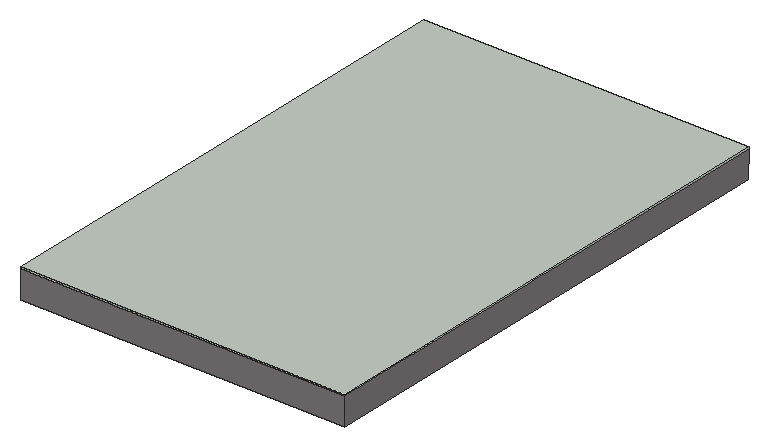
Revit family "Mirror-45cm60cm80cm100cm120cm-IlluminatedMirror-Vitra-İntegraSeries-61305+61306+61307+61308+61309", category Furniture Systems, host Face, Revit 2017
Family settings
  Host = Face
  Round Connector Dimension = Use Diameter
  Part Type = Normal
  OmniClass Number = 23.40.00.00
  OmniClass Title = Equipment and Furnishings
  Cut with Voids When Loaded = No
  Shared = Yes
  Room Calculation Point = No
Parameters (values of type "Mirror-45cm-IlluminatedMirror-Vitra-İntegraSeries-61305")
  Youtube = "https://www.youtube.com/user/VitrAglobal"
  Width(mm) = 450 mm
  Weight Net (kg) = "7"
  Warranty Period (Year) = "2"
  Voltage = "220V"
  Uniformat II Description = "Furnishings"
  Uniformat II Code = "E2010"
  Uniclass 2015 Name = "Bathroom mirrors"
  Uniclass 2015 Code = "Pr_25_71_53_06"
  Uniclass 2.0 Description = "Bathroom Mirrors"
  Uniclass 1.4 Description = "Mirrors"
  Uniclass 2.0 Code = "PR-45-55-06"
  Uniclass 1.4 Code = "L8732"
  URL = "https://vitraglobal.com/"
  UNSPSC Description = "Furniture and Furnishings"
  UNSPSC Code = "56"
  Technical description = "http://cdn.vitra.com.tr/501-61305-2A.jpg"
  Tap hole Options (default) = ""
  Specification = ""
  Region South America = "All"
  Region Oceania = "All"
  Region North America = "All"
  Region Middle East = "All"
  Region Europe = "All"
  Region Asia = "All"
  Region Antarctica = "All"
  Region Africa = "All"
  Product group = "Bathroom Furniture"
  Product family = "İntegra"
  Product data url = "https://www.vitra-bad.fr/fr/produits-sanitaires/page-de-detail/product/integra-miroir-avec-eclairage-a-gauche-et-a-droite-45-cm-1.html"
  Product certification = "https://www.vitraglobal.com/brochures/"
  Product SKU = "61305"
  Product Guid = ""
  Primary Material = Mirror
  OmniClass Description = "Mirrors"
  OmniClass Code = "23-21 37 13 15"
  Nominal width = "0.000"
  Nominal height = "0.000"
  NBS Referans Description = "Bathroom Mirrors"
  NBS Referans Code = "45-55-06"
  Model = "61305"
  Masterformat 2014 Description = "Furniture"
  Masterformat 2014 Code = "12 50 00"
  Manufacturer name = "Vitra"
  Manufacturer = "Vitra"
  Lighting Type = "Ambiance Led Lighting"
  Installation instructions = ""
  IFC Classification = "Furnishing Element"
  Help = ""
  Height(mm) = 700 mm
  Design country = "Turkey"
  Description = "İntegra Illuminated Mirror"
  Depth(mm) = 40 mm
  Default Elevation = 0 mm
  Construction Type = "Wall Mounted"
  Color = ""
  COBIe Type Category = ""
  BIMobject category = "Sanitary - Mirrors"
  Article No. (default) = "61305"
  Accessories (default) = ""
Types (6, lengths in mm): name | Width(mm) | Weight Net (kg) | Technical description | Product data url | Product SKU | Model | Article No. (default)
  (no name) | 450 | "7" | "http://cdn.vitra.com.tr/501-61305-2A.jpg" | "https://www.vitra-bad.fr/fr/produits-sanitaires/page-de-detail/product/integra-miroir-avec-eclairage-a-gauche-et-a-droite-45-cm-1.html" | "61305" | "61305" | "61305"
  Mirror-45cm-IlluminatedMirror-Vitra-İntegraSeries-61305 | 450 | "7" | "http://cdn.vitra.com.tr/501-61305-2A.jpg" | "https://www.vitra-bad.fr/fr/produits-sanitaires/page-de-detail/product/integra-miroir-avec-eclairage-a-gauche-et-a-droite-45-cm-1.html" | "61305" | "61305" | "61305"
  Mirror-60cm-IlluminatedMirror-Vitra-İntegraSeries-61306 | 600 | "9" | "http://cdn.vitra.com.tr/501-61305-2A.jpg" | "https://www.vitra-bad.fr/fr/produits-sanitaires/page-de-detail/product/integra-miroir-avec-eclairage-a-gauche-et-a-droite-45-cm-1.html" | "61306" | "61309" | "61306"
  Mirror-80cm-IlluminatedMirror-Vitra-İntegraSeries-61307 | 800 | "11" | "http://cdn.vitra.com.tr/501-61307-2A.jpg" | "https://www.vitra-bad.fr/fr/produits-sanitaires/page-de-detail/product/integra-miroir-avec-eclairage-a-gauche-et-a-droite-80-cm-1.html" | "61307" | "61307" | "61307"
  Mirror-100cm-IlluminatedMirror-Vitra-İntegraSeries-61308 | 1000 | "13" | "http://cdn.vitra.com.tr/501-61308-2A.jpg" | "https://www.vitra-bad.fr/fr/produits-sanitaires/page-de-detail/product/integra-miroir-avec-eclairage-a-gauche-et-a-droite-100-cm-1.html" | "61308" | "61308" | "61308"
  Mirror-120cm-IlluminatedMirror-Vitra-İntegraSeries-61309 | 1200 | "15" | "http://cdn.vitra.com.tr/501-61309-2A.jpg" | "https://www.vitra-bad.fr/fr/produits-sanitaires/page-de-detail/product/integra-miroir-avec-eclairage-a-gauche-et-a-droite-120-cm-1.html" | "61309" | "61309" | "61309"
Reference planes
  plane 1 "Center (Front/Back)": y = 147.147
  plane 2: z = -0.016
  plane 3 "Center (Left/Right)": x = -50.25
  plane 4: z = 39.984
  plane 5: x = -275.25
  plane 6: x = 174.75
  plane 7: y = 497.147
  plane 8: y = -202.853
Forms (mm)
  Extrusion 1, solid, material "Mirror" <- "Primary Material"
    sketch origin (-50.5, -402.853, 39.997) x (0, -1, 0) y (1, 0, 0)
      loop
        line (-900, 225.25) -> (-900, -224.75) -> (-200, -224.75) -> (-200, 225.25) -> (-900, 225.25)
    from -0.014 to -2
  Extrusion 2, solid
    sketch origin (-472.429, 243.75, 0) x (1, 0, 0) y (0, 1, 0)
      loop
        line (402.18, -283.956) -> (402.18, -321.331) -> (442.18, -321.331) -> (442.18, -283.956) -> (402.18, -283.956)
    from 0 to 2
  Extrusion 3, solid, material "Matte Antrasit"
    sketch origin (-50.5, -402.853, 37.997) x (0, -1, 0) y (1, 0, 0)
      loop
        line (-900, 225.25) -> (-900, -224.75) -> (-200, -224.75) -> (-200, 225.25) -> (-900, 225.25)
    from 0 to -38
Dimensions and locks
  "Depth(mm)": plane 4 to host face
  "Width(mm)": plane 5 to plane 6
  "Height(mm)": plane 7 to plane 8
  equal spacing: plane 5, plane 3 "Center (Left/Right)", plane 6
  equal spacing: plane 7, plane 1 "Center (Front/Back)", plane 8
  equal spacing: Extrusion 2, plane 3 "Center (Left/Right)", Extrusion 2
  locked: Extrusion 1 to Extrusion 2 at 125.272
  aligned and locked: plane 2 to host face
  aligned and locked: level to host face
  aligned and locked: plane 5 to Extrusion 1
  aligned and locked: plane 6 to Extrusion 1
  aligned and locked: plane 7 to Extrusion 1
  aligned and locked: plane 8 to Extrusion 1
Automatic sketch dimensions
  host sketch curve to host sketch curve = 2361.448 mm
  host sketch curve to host sketch curve = 2438.4 mm
  Extrusion 1 sketch curve to plane 5 = 0 mm
  Extrusion 1 sketch curve to plane 7 = 0 mm
  Extrusion 1 sketch curve to plane 6 = 0 mm
  Extrusion 1 sketch curve to plane 8 = 0 mm
  Extrusion 2 sketch curve to plane 3 "Center (Left/Right)" = 20 mm
  plane 3 "Center (Left/Right)" to Extrusion 2 sketch curve = 20 mm
  plane 8 to Extrusion 2 sketch curve = 125.272 mm
  Extrusion 2 sketch curve to Extrusion 2 sketch curve = 37.375 mm
  Extrusion 3 sketch curve to plane 5 = 0 mm
  Extrusion 3 sketch curve to plane 7 = 0 mm
  Extrusion 3 sketch curve to plane 6 = 0 mm
  Extrusion 3 sketch curve to plane 8 = 0 mm
Connectors
  electrical at (-50.25, -58.894, 0)
    settings: on Extrusion 2, index 2, voltage 220 V, apparent load 0 VA, apparent load phase1 0 VA, apparent load phase2 0 VA, apparent load phase3 0 VA, power factor 1, load classification "Other", number of poles 1, system type 31, power factor state 1, is connector primary yes, connector utility no, sub classification motor no, connector description "Ambiance Led Lighting"
